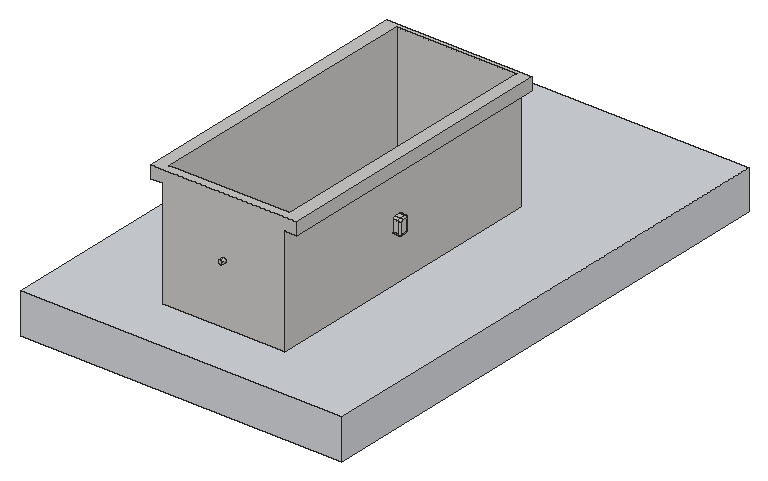
Revit family
Parameters (values of type "1736ADA-A")
  Waste Connection = yes
  WFU = 0
  Voltage = 0
  Vent Connection = no
  VG - Vent Grille, 8-3/4" x 8-3/4" (1/4" square Punched holes providing 20 sq. inches free area) (Left Wall, Right Wall, Back Wall) = no
  URL = "http://www.acorneng.com/"
  Type Comments = ""
  Tempered Water Connection = no
  TF - 120VAC to 24VAC Transformer (MVC option only) = no
  TA - Threshold Anchors = no
  SW - Wall Sleeve (Thickness: ___) (Type: Concrete, Block, Vent Grille, Valve Supplies) = no
  STC - Sloping Top Closure = no
  SRCH - Suicide Resistant Conical Handle (-8 T/P Valve Only, Handle Negates ADA Compliance) = no
  SLR - Shower Location Right = no
  SLL - Shower Location Left = no
  Revised Date = "01/16/12"
  Phone# = "626-336-4561"
  PZZ - Penal Lockable Up-Down Joint = no
  PYY - Penal Lockable Universal Ball Joint = no
  PWR - Polished Exterior Wall Right = no
  PWL - Polished Exterior Wall Left = no
  PWB - Polished Exterior Wall Back = no
  PBH - Hemispherical Pushbutton = no
  No Exterior Walls Polished = no
  Model = "1736ADA-A"
  Material = Stainless Steel
  Manufacturer = "Acorn Engineering"
  MVC2 - Time-Trol - Hot & Cold = no
  MVC1 - Time-Trol - Single Temp = no
  MD - Modesty Door (Not ADA) (Hinged Left, Hinged Right) = no
  LRD - Less Recessed Soap Dish = no
  LGB - Less Grab Bar (Refer To Local Code) (Two-Wall GB, 24" Vertical GB) = no
  LFS - Less Fixed Seat = no
  HWFU = 0
  HW Connection = yes
  HAC - Closure Horizontal Angled (-AL, -AR, -TSW) = no
  GBC - Grab Bar w/ Closure Plate (N/A on 24" Vertical GB) = no
  FSS - Folding Seat, Stainless Steel = no
  FH - Fixed Head at 48" in Lieu of Hand Shower = no
  F - Flow Control, Must Specify: (Showerhead Only) (1.4 GPM, 1.6 GPM, 2.0 GPM) = no
  EVSP2 - Electronic Valve System w/ Piezo Pushbuttons = no
  EVSP1 - Electronic Valve System w/ Piezo Pushbutton = no
  EVS2 - Electronic Valve System - Hot & Cold = no
  EVS1 - Electronic Valve System - Single Temp = no
  Designed By = "ATS BIM Team"
  Description = "Cabinet Shower - ADA Compliant"
  Default Elevation = 72.000"
  CWFU = 0
  CW Connection = yes
  CSH - Conical Showerhead = no
  CHW - Closure Wall Panel (-L, -R) = no
  CHV - Closure Vertical (-L, -R, -C, -AL, -AR) = no
  CHV - Closure Horizontal (-TF) = no
  Assembly Code = "D2010710"
  Amperage = 0
  8MV - ASSE Compliant T/P Temperature-Pressure Balancing Mixing Valve w/ Single-Temp Metering Valve & Lever Handle = no
  4-M- Air-Control Metering, H&C = no
  3-M - Air-Control Metering, Single Temperature = no
  09 - Punched for Valve by Others (Specify Punching) = no
Reference planes (in)
  plane 1 "Center (Front/Back)": y = 0
  plane 2: z = 0
  plane 3 "Center (Left/Right)": x = 0
  plane 4: z = 36
  plane 5: z = 29.5
  plane 6: z = 15
  plane 7: y = -32.58043
  plane 8: y = -72
  plane 9: y = -72.58043
  plane 10: y = 15.41957
  plane 11: z = 0
  plane 12: z = 32.5
  plane 13: x = 21.75
  plane 14: x = -21.75
  plane 15: y = -70.52443
  plane 16: y = 14.41957
  plane 17: z = 18
  plane 18: x = 21
  plane 19: y = -34.58043
  plane 20: z = 21
  plane 21: z = 11
  plane 22: y = 5.41957
  plane 23: y = -34.58043
  plane 24: y = -30.81543
  plane 25: x = 9.078
  plane 26: y = -39
  plane 27: x = 18
  plane 28: x = -18
  plane 29: y = -54
Forms (in)
  Extrusion 1, solid
    sketch origin (0, 0, 0) x (1, 0, 0) y (0, 1, 0)
      loop
        line (-48, 63.41957) -> (-48, -88.61435) -> (48, -88.61435) -> (48, 63.41957) -> (-48, 63.41957)
    from 0 to -12
  Sweep 2, solid, material "Stainless Steel" <- "Material"
    path origin (0, -32.58043, 30) x (1, 0, 0) y (0, 0, 1)
      loop
        line (18.25, 6) -> (-18.25, 6) -> (-18.25, -30) -> (18.25, -30) -> (18.25, 6)
    profile origin (0, -32.58043, 36) x (0, 0, -1) y (0, -1, 0)
      loop
        line (0, 40) -> (0, -48) -> (0.5, -48) -> (0.5, 40) -> (0, 40)
  Extrusion 3, solid, material "Stainless Steel" <- "Material"
    sketch origin (0, -32.58043, 29.75) x (1, 0, 0) y (0, 0, 1)
      loop
        line (21.75, 6.25) -> (18, 6.25) -> (18, 2.5) -> (21.75, 2.5) -> (21.75, 6.25)
      loop
        line (-21.75, 6.25) -> (-21.75, 2.5) -> (-18, 2.5) -> (-18, 6.25) -> (-21.75, 6.25)
    from -48 to 40
  Extrusion 4, solid, material "Stainless Steel" <- "Material"
    sketch origin (17.75, 15.41957, 35.5) x (-1, 0, 0) y (0, 0, 1)
      loop
        line (-0.5, -35.5) -> (35.5, -35.5) -> (35.5, 0.25) -> (-0.5, 0.25) -> (-0.5, -35.5)
    from 0 to -1
  Extrusion 5, void
    sketch origin (-14.99098, 15.41957, 36) x (-1, 0, 0) y (0, -1, 0)
      loop
        line (3.00902, 1) -> (3.00902, 85.944) -> (-32.99098, 85.944) -> (-32.99098, 1) -> (3.00902, 1)
    from 0.25 to -35.5
  Blend 6, void
    base sketch origin (0, -40.58043, 30) x (-1, 0, 0) y (0, 0, 1)
      loop
        line (-17.75, -29.5) -> (17.75, -29.5) -> (17.75, 5.5) -> (-17.75, 5.5) -> (-17.75, -29.5)
    top sketch origin (0, -40.58043, 30) x (-1, 0, 0) y (0, 0, 1)
      loop
        line (-0.75, -12.75) -> (0.75, -12.75) -> (0.75, -11.25) -> (-0.75, -11.25) -> (-0.75, -12.75)
    from -29.944 to -30.98878
  Revolve 7, solid, material "Stainless Steel" <- "Material"
    sketch origin (0, -40.51793, 33) x (0, 1, 0) y (0, 0, 1)
      loop
        line (-33.2755, -15) -> (-33.2755, -15.625) -> (-32.13381, -15.625) -> (-30.0065, -16.85321) -> (-30.0065, -15) -> (-33.2755, -15)
      axis (-30.0065, -15) -> (-33.2755, -15)
    angle from 0 to 360
  Extrusion 8, solid, material "Stainless Steel" <- "Material"
    sketch origin (0, -31.46129, 30) x (1, 0, 0) y (0, 0, 1)
      loop
        line (-18, 5.75) -> (-18, -29.49999) -> (18, -29.49999) -> (18, 5.75) -> (-18, 5.75)
    from 39.06314 to 41.11914
  Blend 9, solid, material "Stainless Steel" <- "Material"
    base sketch origin (-3.25, -32.58043, -5.5) x (0, 1, 0) y (0, 0, 1)
      loop
        line (37.5, 26.5) -> (-1.5, 26.5)
        arc (-1.5, 26.5) -> (-1.85355, 26.35355) -> (-2, 26) r 0.5
        line (-2, 26) -> (-2, 17)
        arc (-2, 17) -> (-1.85355, 16.64645) -> (-1.5, 16.5) r 0.5
        line (-1.5, 16.5) -> (37.5, 16.5)
        arc (37.5, 16.5) -> (37.85355, 16.64645) -> (38, 17) r 0.5
        line (38, 17) -> (38, 26)
        arc (38, 26) -> (37.85355, 26.35355) -> (37.5, 26.5) r 0.5
    top sketch origin (-3.25, -32.58043, -5.5) x (0, 1, 0) y (0, 0, 1)
      loop
        line (37, 25) -> (-1, 25)
        arc (-1, 25) -> (-1.35355, 24.85355) -> (-1.5, 24.5) r 0.5
        line (-1.5, 24.5) -> (-1.5, 18.5)
        arc (-1.5, 18.5) -> (-1.35355, 18.14645) -> (-1, 18) r 0.5
        line (-1, 18) -> (37, 18)
        arc (37, 18) -> (37.35355, 18.14645) -> (37.5, 18.5) r 0.5
        line (37.5, 18.5) -> (37.5, 24.5)
        arc (37.5, 24.5) -> (37.35355, 24.85355) -> (37, 25) r 0.5
    from 21.25 to 20.90653
  Sweep 10, solid, material "Stainless Steel" <- "Material"
    path origin (18, -34.47239, 21) x (0, 0, -1) y (0, -1, 0)
      loop
        line (6.75, -2.30695) -> (3.25, -2.30695)
        arc (3.25, -2.30695) -> (2.89645, -2.4534) -> (2.75, -2.80695) r 0.5
        line (2.75, -2.80695) -> (2.75, -4.50695)
        arc (2.75, -4.50695) -> (2.89645, -4.86051) -> (3.25, -5.00695) r 0.5
        line (3.25, -5.00695) -> (6.75, -5.00695)
        arc (6.75, -5.00695) -> (7.10355, -4.86051) -> (7.25, -4.50695) r 0.5
        line (7.25, -4.50695) -> (7.25, -2.80695)
        arc (7.25, -2.80695) -> (7.10355, -2.4534) -> (6.75, -2.30695) r 0.5
    profile origin (18, -32.16543, 16) x (0, 1, 0) y (-1, 0, 0)
      loop
        line (-0.05078, 0) -> (-0.05078, -2)
        arc (-0.05078, -2) -> (0.09567, -2.35355) -> (0.44922, -2.5) r 0.5
        line (0.44922, -2.5) -> (0.44922, -2.44922)
        arc (0.44922, -2.44922) -> (0.13157, -2.31765) -> (0, -2) r 0.44922
        line (0, -2) -> (0, 0) -> (-0.05078, 0)
  Extrusion 11, void
    sketch origin (18, -34.47239, 21) x (0, 0, 1) y (0, -1, 0)
      loop
        arc (-3.25, -5.00695) -> (-2.89645, -4.86051) -> (-2.75, -4.50695) r 0.5
        line (-2.75, -4.50695) -> (-2.75, -2.80695)
        arc (-2.75, -2.80695) -> (-2.89645, -2.4534) -> (-3.25, -2.30695) r 0.5
        line (-3.25, -2.30695) -> (-6.75, -2.30695)
        arc (-6.75, -2.30695) -> (-7.10355, -2.4534) -> (-7.25, -2.80695) r 0.5
        line (-7.25, -2.80695) -> (-7.25, -4.50695)
        arc (-7.25, -4.50695) -> (-7.10355, -4.86051) -> (-6.75, -5.00695) r 0.5
        line (-6.75, -5.00695) -> (-3.25, -5.00695)
    from -0.34347 to 0.67147
  Extrusion 12, solid, material "Stainless Steel" <- "Material"
    sketch origin (18, -34.47239, 21) x (0, 0, -1) y (0, -1, 0)
      loop
        arc (6.75, -4.55774) -> (6.78591, -4.54286) -> (6.80078, -4.50695) r 0.05078
        line (6.80078, -4.50695) -> (6.80078, -2.80695)
        arc (6.80078, -2.80695) -> (6.78591, -2.77105) -> (6.75, -2.75617) r 0.05078
        line (6.75, -2.75617) -> (3.25, -2.75617)
        arc (3.25, -2.75617) -> (3.21409, -2.77105) -> (3.19922, -2.80695) r 0.05078
        line (3.19922, -2.80695) -> (3.19922, -4.50695)
        arc (3.19922, -4.50695) -> (3.21409, -4.54286) -> (3.25, -4.55774) r 0.05078
        line (3.25, -4.55774) -> (6.75, -4.55774)
    from -2.5 to -2.44922
  Revolve 13, solid, material "Stainless Steel" <- "Material"
    sketch origin (17.65653, 0.39752, 18) x (-1, 0, 0) y (0, 1, 0)
      loop
        line (0, 0.875) -> (1.625, 0.875)
        arc (1.625, 0.875) -> (1.45853, 1.33075) -> (1.03752, 1.57191) r 0.70711
        line (1.03752, 1.57191) -> (0, 1.75) -> (0, 0.875)
      axis (0, 0.875) -> (1.625, 0.875)
    angle from 0 to 360
  Revolve 14, solid, material "Stainless Steel" <- "Material"
    sketch origin (17.65653, 0.39752, 18) x (-1, 0, 0) y (0, 1, 0)
      loop
        line (0.60896, 0.51719) -> (1.0592, -0.56978) -> (1.40212, -0.71183) -> (1.53473, -0.6569) -> (0.98405, 0.67256) -> (0.60896, 0.51719)
      axis (0.98405, 0.67256) -> (1.53473, -0.6569)
    angle from 0 to 360
  Sweep 15, solid, material "Stainless Steel" <- "Material"
    path origin (16.08107, -23.98813, 15) x (1, 0, 0) y (0, 1, 0)
      loop
        arc (0, 0) -> (0.62838, 2.75) -> (0, 5.5) r 6.33164
    profile origin (16.70945, -21.23813, 15) x (-1, 0, 0) y (0, 0, 1)
      loop
        spline (0, -0.5) -> (0.09706, -0.48296) -> (0.1875, -0.43301) -> (0.26517, -0.35355) -> (0.32476, -0.25) -> (0.36222, -0.12941) -> (0.375, 0) -> (0.36222, 0.12941) -> (0.32476, 0.25) -> (0.26517, 0.35355) -> (0.1875, 0.43301) -> (0.09706, 0.48296) -> (0, 0.5)
        spline (0, 0.5) -> (-0.09706, 0.48296) -> (-0.1875, 0.43301) -> (-0.26517, 0.35355) -> (-0.32476, 0.25) -> (-0.36222, 0.12941) -> (-0.375, 0) -> (-0.36222, -0.12941) -> (-0.32476, -0.25) -> (-0.26517, -0.35355) -> (-0.1875, -0.43301) -> (-0.09706, -0.48296) -> (0, -0.5)
  Extrusion 16, solid, material "Stainless Steel" <- "Material"
    sketch origin (17.08107, -24.17799, 15) x (0, 0, 1) y (0, 1, 0)
      loop
        circle (0, 5.77788) r 1.75
    from -0.57546 to 1.42454
  Extrusion 17, void
    sketch origin (16.09105, -24.16004, 15.00634) x (1, 0, 0) y (0, 1, 0)
      loop
        line (0.5713, 7.53055) -> (1.57546, 4.44008) -> (1.57546, 7.53055) -> (0.5713, 7.53055)
    from -2.00634 to 1.99366
  Extrusion 18, void
    sketch origin (-14.99098, 15.41957, 36) x (-1, 0, 0) y (0, -1, 0)
      loop
        line (3.00902, 1) -> (3.00902, 85.944) -> (-32.99098, 85.944) -> (-32.99098, 1) -> (3.00902, 1)
    from 0 to -35.5
  Blend 19, void
    base sketch origin (0, -41.01122, 30) x (-1, 0, 0) y (0, 0, 1)
      loop
        line (-17.75, -29.5) -> (17.75, -29.5) -> (17.75, 5.5) -> (-17.75, 5.5) -> (-17.75, -29.5)
    top sketch origin (0, -41.01122, 30) x (-1, 0, 0) y (0, 0, 1)
      loop
        line (-0.75, -12.75) -> (0.75, -12.75) -> (0.75, -11.25) -> (-0.75, -11.25) -> (-0.75, -12.75)
    from -29.51321 to -30.98878
Cuts and joins
  Extrusion 11, Extrusion 18, Blend 19 cuts Sweep 2
  Blend 19 cuts Extrusion 3
  Blend 19 cuts Extrusion 4
  Blend 19 cuts Revolve 7
  Blend 19 cuts Extrusion 8
  Extrusion 11, Blend 19 cuts Blend 9
  Extrusion 11, Blend 19 cuts Sweep 10
  Blend 19 cuts Extrusion 12
  Blend 19 cuts Revolve 13
  Blend 19 cuts Revolve 14
  Blend 19 cuts Sweep 15
  Extrusion 17, Blend 19 cuts Extrusion 16
  joined: Sweep 2, Extrusion 3, Extrusion 4, Revolve 7, Extrusion 8, Blend 9, Sweep 10, Extrusion 12, Revolve 13, Revolve 14, Sweep 15, Extrusion 16
Lines and regions (in)
  model lines
    curve 1: line (18, -39.75, 0.5) -> (18, -38.25, 0.5)
    curve 2: line (16.5, -39, 10.172) -> (16.5, -39, 31.00016)
    curve 3: arc (16.5, -39, 31.00016) -> (16.72068, -39, 31.53292) -> (17.25344, -39, 31.7536) r 0.75344
    curve 4: line (17.25344, -39, 31.7536) -> (18, -39, 31.7536)
    curve 5: line (18, -39, 33.25) -> (17.16173, -39, 33.25)
    curve 6: arc (15.00253, -39, 31.0908) -> (15.63495, -39, 32.61759) -> (17.16173, -39, 33.25) r 2.1592
    curve 7: line (15.00253, -39, 31.0908) -> (15.00253, -39, 5.0908)
    curve 8: line (16.5, -39, 8.672) -> (18, -39, 8.672)
    curve 9: line (18, -39, 10.172) -> (16.5, -39, 10.172)
    curve 10: line (15.75, -39, 9.422) -> (16.5, -39, 10.172)
    curve 11: line (16.5, -39, 8.672) -> (15.75, -39, 9.422)
    curve 12: line (16.5, -39, 8.672) -> (16.5, -39, 4.922)
    curve 13: arc (15.00253, -39, 5.0908) -> (14.74365, -39, 4.4658) -> (14.11865, -39, 4.20692) r 0.88388
    curve 14: arc (16.5, -39, 4.922) -> (15.86357, -39, 3.38553) -> (14.3271, -39, 2.7491) r 2.1729
    curve 15: line (14.3271, -39, 2.7491) -> (2.2491, -39, 2.7491)
    curve 16: line (1.5, -39, 0.5) -> (1.5, -39, 2)
    curve 17: arc (1.5, -39, 2) -> (1.71941, -39, 2.52969) -> (2.2491, -39, 2.7491) r 0.7491
    curve 18: line (0, -39, 0.5) -> (0, -39, 2.26238)
    curve 19: line (14.11865, -39, 4.20692) -> (1.94454, -39, 4.20692)
    curve 20: arc (1.94454, -39, 4.20692) -> (0.56954, -39, 3.63738) -> (0, -39, 2.26238) r 1.94454
    curve 21: line (18, -39, 33.25) -> (18, -39, 31.7536)
    curve 22: line (18, -39, 10.172) -> (18, -39, 8.672)
    curve 23: line (1.5, -39, 0.5) -> (0, -39, 0.5)
    curve 24: line (5.5, -54, 0.5) -> (5.5, -54, 15)
    curve 25: line (5.5, -54, 15) -> (3.73223, -54, 16.76777)
    curve 26: line (3.73223, -54, 16.76777) -> (-1.01777, -54, 16.76777)
    curve 27: line (-1.01777, -54, 16.76777) -> (-1.01777, -54, 33.76777)
    curve 28: line (-1.01777, -54, 33.76777) -> (-2.43198, -54, 35.18198)
    curve 29: line (-2.43198, -54, 35.18198) -> (-18, -54, 35.18198)
    curve 30: line (-18, -54, 35.18198) -> (-18, -54, 0.5)
    curve 31: line (-18, -54, 0.5) -> (5.5, -54, 0.5)
Dimensions and locks (in)
  plane 8 to plane 1 "Center (Front/Back)" = 72.000"
  plane 10 to plane 9 = 88.000"
  plane 11 to plane 4 = 36.000"
  plane 13 to plane 14 = 43.500"
  plane 12 to plane 4 = 3.500"
  plane 15 to plane 16 = 84.944"
  plane 24 to plane 19 = 3.765"
  plane 26 to plane 8 = 33.000"
  locked: plane 27 to plane 13 at 3.75
  locked: plane 14 to plane 28 at 3.75
  locked: plane 28 to plane 27 at 36
  plane 17 to plane 4 = 18.000"
  plane 29 to plane 8 = 18.000"
  aligned and locked: plane 2 to Extrusion 1
  aligned and locked: level to Extrusion 1
  aligned and locked: plane 28 to Extrusion 5 sketch curve
  aligned and locked: plane 27 to Extrusion 5 sketch curve
  aligned and locked: Extrusion 4 to Extrusion 1
Connectors (in)
  piping at (0, -73.79343, 18)
    settings: on Revolve 7, index 10
